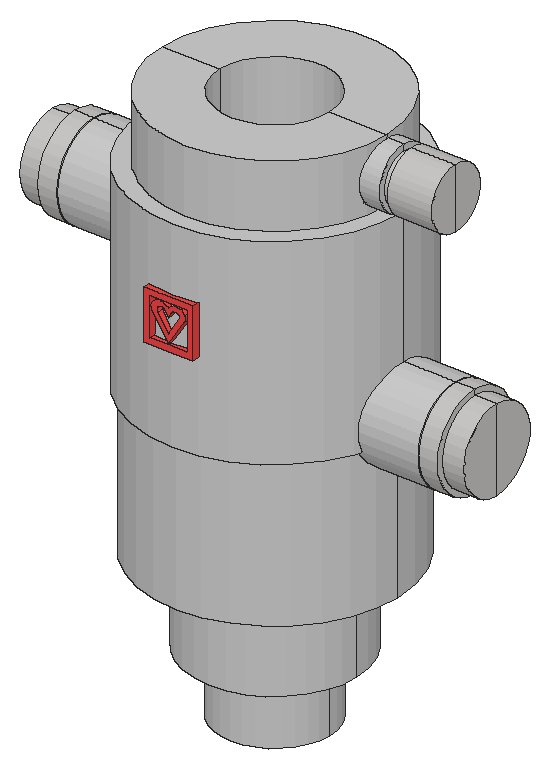
Revit family "Systemtrenner 0302", category Rohrzubehör, Revit 2021
Family settings
  Bemaßung runder Anschluss = Durchmesser verwenden
  Teiletyp = Unterbricht
  OmniClass-Nummer = 23.65.55.14
  OmniClass-Titel = Valves for Liquid Services
  Arbeitsebenenbasiert = Nein
  Immer vertikal = Ja
  Beim Laden mit Abzugskörper schneiden = Nein
  Gemeinsam genutzt = Nein
Parameters (values of type "DN15 (3/4"-3/4")")
  Vorgabe-Ansicht = 0.00 mm
  Max. zulässige Betriebstemperatur (kurzzeitig) = 80 °C  # constant formula
  Max. Betriebstemperatur = 65 °C  # constant formula
  URL = "www.herz-armaturen.at"
  Systemtrenner-Kartusche = "hochwertiger, kalkabweisender Kunststoff"  # constant formula
  SCTWSEQ = "AW;SBT_TYP_AW=\"104\";2"
  SCTWCODE = "04;12;02"  # constant formula
  S03 = 29.00 mm  # constant formula
  S02 = 53.00 mm  # constant formula
  S01 = 13.00 mm  # constant formula
  NennweiteEin [instance] = if([20_20], 20.00 mm, if([25_20], 25.00 mm, if([25_25], 25.00 mm, 0.00 mm)))  # 20.00 mm
  NennweiteAus [instance] = if([20_20], 20.00 mm, if([25_20], 20.00 mm, if([25_25], 25.00 mm, 0.00 mm)))  # 20.00 mm
  Max. Betriebsdruck = 1000000.0 Pa  # constant formula
  Medium = "Wasser (ohne Dampf)"  # constant formula
  LO01 = 70.00 mm  # constant formula
  IG (ein) [instance] = NennweiteEin / 2  # 10.00 mm
  Hinweis = "Gemäß Art 33 der REACH-Verordnung (EG Nr. 1907/2006) sind wir verpflichtet, darauf hinzuweisen, dass der Stoff Blei auf der SVHC-Liste geführt wird und dass alle aus Messing bestehenden Bauteile, die in unseren Erzeugnissen verarbeitet sind, mehr als 0,1 % (w/w) Blei (CAS: 7439-92-1 / EINECS: 231-100-4) enthalten.\r\nDa Blei als Legierungsbestandteil fest gebunden ist, sind keine Expositionen zu erwarten und daher sind keine zusätzlichen Angaben zur sicheren Verwendung notwendig."
  Hersteller = "HERZ Armaturen Ges.m.b.H."  # constant formula
  H09 = 7.50 mm  # constant formula
  H08 = 24.50 mm  # constant formula
  H07 = 8.50 mm  # constant formula
  H06 = 57.50 mm  # constant formula
  H05 = 6.00 mm  # constant formula
  H04 = 11.50 mm  # constant formula
  H03 = 54.00 mm  # constant formula
  H02 = 27.00 mm  # constant formula
  H01 = 102.00 mm  # constant formula
  Gehäuse = "Pressmessing (CW617N), verchromt"  # constant formula
  GT (IG) [instance] = if([20_20], 11.30 mm, if([25_20], 12.50 mm, if([25_25], 12.50 mm, 0.00 mm)))  # 11.30 mm
  GT (AG) [instance] = if([20_20], 11.30 mm, if([25_20], 12.50 mm, if([25_25], 12.50 mm, 0.00 mm)))  # 11.30 mm
  Einbaulage = "senkrecht"  # constant formula
  Dichtungen = "EPDM"  # constant formula
  D10 = 4.00 mm  # constant formula
  D09 = 40.50 mm  # constant formula
  D08 = 4.50 mm  # constant formula
  D07 = 5.50 mm  # constant formula
  D06 = 33.00 mm  # constant formula
  D05 [instance] = (NennweiteEin / 2) + 1.00 mm  # 11.00 mm
  D04 = 15.00 mm  # constant formula
  D03 = 22.50 mm  # constant formula
  D02 = 23.50 mm  # constant formula
  D01 = 20.50 mm  # constant formula
  Bestellnummer = if([20_20], "I030202", if([25_20], "I030203", if([25_25], "I030213", "0")))  # "I030202"
  Ausführung = "Der Systemtrenner BA wurde nach der Norm DIN EN 1717 entwickelt.\r\nLaut dieser Norm ist die Wasserqualität je nach Grad der Verschmutzung in 5 Klassen eingeteilt.\r\nDer Systemtrenner Typ BA erlaubt Absicherung gegen Nichttrinkwasser bis zur Gefahrenklasse 4, der höchsten Gefahrenklasse, die mit einer Armatur abgesichert werden kann.\r\nSystemtrenner komplett mit Sicherungsschraube gegen Manipulationen, Sieb gegen Schmutzeintrag.\r\nDiese Filterscheibe muss richtig in die Armatur hingesetzt werden, so dass die Funktion gewehrleistet werden kann.\r\nDichtung darauf legen.\r\nDer Einbau eines Schmutzfängers vor dem Systemtrenner hilft, um eine dauerhafte und einwandfreie Funktion zu gewährleisten.\r\nDer Systemtrenner kann nur senkrecht montiert werden.\r\nDer Herz- Systemtrenner ist frostsicher."
  Anwendung = "Der Systemtrenner ist zum nachträglichen Anbau an eine Entnahmearmatur mit Schlauchanschluss konzipiert.\r\nDank seiner kompakten Bauform schliesst dieser Systemtrenner die Lücke überall dort, wo eine Anbindung an das Abwasser notwendig ist."
  AG (aus) [instance] = NennweiteAus / 2  # 10.00 mm
  25_25 = no
  25_20 = no
  20_20 = yes
Types (4, lengths in mm): name | NennweiteEin | NennweiteAus | IG (ein) | GT (IG) | GT (AG) | D05 | Bestellnummer | AG (aus) | 25_25 | 25_20 | 20_20
  (no name) | 20.00 | 20.00 | 10.00 | 11.30 | 11.30 | 11.00 | "I030202" | 10.00 | no | no | yes
  DN15 (3/4"-3/4") | 20.00 | 20.00 | 10.00 | 11.30 | 11.30 | 11.00 | "I030202" | 10.00 | no | no | yes
  DN20 (1"-3/4") | 25.00 | 20.00 | 12.50 | 12.50 | 12.50 | 13.50 | "I030203" | 10.00 | no | yes | no
  DN20 (1"-1") | 25.00 | 25.00 | 12.50 | 12.50 | 12.50 | 13.50 | "I030213" | 12.50 | yes | no | no
Reference planes
  plane 1 "Mitte (Vorne/hinten)": y = 0
  plane 2: z = 0
  plane 3 "Mitte (Links/rechts)": x = 0
Forms (mm)
  Revolve 1, solid, material "Messing, vernickelt", detail levels fine
    sketch origin (0, 0, 0) x (1, 0, 0) y (0, 0, 1)
      loop
        line (0, 0) -> (0, 90.7) -> (-10, 90.7) -> (-10, 102) -> (-20.5, 102) -> (-20.5, 90.5) -> (-23.5, 90.5) -> (-23.5, 54) -> (-22.5, 54) -> (-22.5, 27) -> (-15, 27) -> (-15, 11.3) -> (-10, 11.3) -> (-10, 0) -> (0, 0)
      axis (0, 102) -> (0, 0)
    angle from 0 to 360
  Revolve 2, solid, material "Messing, vernickelt", detail levels fine
    sketch origin (0, 0, 0) x (1, 0, 0) y (0, 0, 1)
      loop
        line (11, 101.5) -> (11, 96) -> (23.5, 96) -> (23.5, 101.5) -> (11, 101.5)
      axis (11, 96) -> (23.5, 96)
    angle from 0 to 360
  Revolve 3, solid, material "Messing, vernickelt", detail levels fine
    sketch origin (0, 0, 0) x (1, 0, 0) y (0, 0, 1)
      loop
        line (0, 66) -> (0, 57.5) -> (33, 57.5) -> (33, 66) -> (0, 66)
      axis (33, 57.5) -> (0, 57.5)
    angle from 0 to 360
  Revolve 4, solid, material "Messing, vernickelt", detail levels fine
    sketch origin (0, 0, 0) x (1, 0, 0) y (0, 0, 1)
      loop
        line (0, 77.5) -> (0, 86) -> (-33, 86) -> (-33, 77.5) -> (0, 77.5)
      axis (-33, 77.5) -> (0, 77.5)
    angle from 0 to 360
  Revolve 5, solid, material "Edelstahl", detail levels fine
    sketch origin (0, 0, 0) x (1, 0, 0) y (0, 0, 1)
      loop
        line (23.5, 96) -> (33, 96) -> (33, 101.5) -> (25, 101.5) -> (25, 100.5) -> (23.5, 100.5) -> (23.5, 96)
      axis (23.5, 96) -> (33, 96)
    angle from 0 to 360
  Revolve 6, solid, material "Edelstahl", detail levels fine
    sketch origin (0, 0, 0) x (1, 0, 0) y (0, 0, 1)
      loop
        line (33, 57.5) -> (40.5, 57.5) -> (40.5, 65) -> (36.5, 65) -> (36.5, 66) -> (33, 66) -> (33, 57.5)
      axis (33, 57.5) -> (40.5, 57.5)
    angle from 0 to 360
  Revolve 7, solid, material "Edelstahl", detail levels fine
    sketch origin (0, 0, 20) x (-1, 0, 0) y (0, 0, 1)
      loop
        line (33, 57.5) -> (40.5, 57.5) -> (40.5, 65) -> (36.5, 65) -> (36.5, 66) -> (33, 66) -> (33, 57.5)
      axis (33, 57.5) -> (40.5, 57.5)
    angle from 0 to 360
Lines and regions (mm)
  model lines, detail levels coarse+medium
    curve 1: line (-23.5, 0, 102) -> (23.5, 0, 102)
    curve 2: line (-23.5, 0, 0) -> (-23.5, 0, 102)
    curve 3: line (23.5, 0, 0) -> (-23.5, 0, 0)
    curve 4: line (23.5, 0, 102) -> (23.5, 0, 0)
    curve 5: line (-10.5, 0, 102) -> (-10.5, 0, 49)
    curve 6: line (-10.5, 0, 29) -> (-10.5, 0, 0)
    curve 7: line (10.5, 0, 102) -> (10.5, 0, 49)
    curve 8: line (10.5, 0, 29) -> (10.5, 0, 0)
    curve 9: line (0, 23.5, 102) -> (0, -23.5, 102)
    curve 10: line (0, 23.5, 0) -> (0, 23.5, 102)
    curve 11: line (0, -23.5, 0) -> (0, 23.5, 0)
    curve 12: line (0, -23.5, 102) -> (0, -23.5, 0)
    curve 13: line (0, 10.5, 102) -> (0, 10.5, 49)
    curve 14: line (0, 10.5, 29) -> (0, 10.5, 0)
    curve 15: line (0, -10.5, 102) -> (0, -10.5, 49)
    curve 16: line (0, -10.5, 29) -> (0, -10.5, 0)
Dimensions and locks
  "H01": Revolve 1 sketch curve to plane 2
  "IG (ein)": Revolve 1 sketch curve to plane 3 "Mitte (Links/rechts)"
  "AG (aus)": Revolve 1 sketch curve to plane 3 "Mitte (Links/rechts)"
  "GT (IG)": Revolve 1 sketch curve to Revolve 1 sketch curve
  "GT (AG)": Revolve 1 sketch curve to Revolve 1 sketch curve
  "D01": Revolve 1 sketch curve to plane 3 "Mitte (Links/rechts)"
  "D02": plane 3 "Mitte (Links/rechts)" to Revolve 1 sketch curve
  "D03": Revolve 1 sketch curve to plane 3 "Mitte (Links/rechts)"
  "D04": Revolve 1 sketch curve to plane 3 "Mitte (Links/rechts)"
  "H02": Revolve 1 sketch curve to plane 2
  "H03": Revolve 1 sketch curve to plane 2
  "H04": Revolve 1 sketch curve to Revolve 1 sketch curve
  "H05": Revolve 1 to Revolve 2 sketch curve
  "D02": Revolve 2 sketch curve to plane 3 "Mitte (Links/rechts)"
  "D05": Revolve 2 sketch curve to plane 3 "Mitte (Links/rechts)"
  "H06": Revolve 3 sketch curve to plane 2
  "H07": Revolve 3 sketch curve to Revolve 3 sketch curve
  "D06": Revolve 3 sketch curve to plane 3 "Mitte (Links/rechts)"
  "D06": plane 3 "Mitte (Links/rechts)" to Revolve 4 sketch curve
  "H07": Revolve 4 sketch curve to Revolve 4 sketch curve
  "H08": Revolve 1 to Revolve 4 sketch curve
  "D06": Revolve 5 sketch curve to plane 3 "Mitte (Links/rechts)"
  Revolve 5 sketch curve to Revolve 5 sketch curve = 1.50 mm
  "D02": Revolve 5 sketch curve to plane 3 "Mitte (Links/rechts)"
  "D07": Revolve 5 sketch curve to Revolve 5 sketch curve
  "H05": Revolve 1 to Revolve 5 sketch curve
  "D07": Revolve 2 sketch curve to Revolve 2 sketch curve
  "D08": Revolve 5 sketch curve to Revolve 5 sketch curve
  "D06": plane 3 "Mitte (Links/rechts)" to Revolve 6 sketch curve
  "D09": Revolve 6 sketch curve to plane 3 "Mitte (Links/rechts)"
  "D10": Revolve 6 sketch curve to Revolve 6 sketch curve
  "H07": Revolve 6 sketch curve to Revolve 6 sketch curve
  "H09": Revolve 6 sketch curve to Revolve 6 sketch curve
  "D10": Revolve 7 sketch curve to Revolve 7 sketch curve
  "H07": Revolve 7 sketch curve to Revolve 7 sketch curve
  "H09": Revolve 7 sketch curve to Revolve 7 sketch curve
  "H08": Revolve 1 to Revolve 7 sketch curve
  "D06": plane 3 "Mitte (Links/rechts)" to Revolve 7 sketch curve
  "D09": plane 3 "Mitte (Links/rechts)" to Revolve 7 sketch curve
  "D02": nested 1 to plane 1 "Mitte (Vorne/hinten)"
  "LO01": nested 1 to plane 2
  "H01": curve 1 to plane 2
  "D02": curve 4 to plane 3 "Mitte (Links/rechts)" to curve 2
  "S01": curve 2 to curve 5
  "S01": curve 7 to curve 4
  "S01": curve 6 to curve 2
  "S01": curve 8 to curve 4
  "S02": curve 1 to curve 7
  "S02": curve 1 to curve 5
  "S03": curve 8 to curve 3
  "S03": curve 6 to curve 3
  "H01": curve 9 to plane 2
  "S03": curve 16 to plane 2
  "S02": curve 15 to curve 9
  "S01": curve 15 to curve 12
  "S01": curve 10 to curve 13
  "D02": curve 10 to plane 1 "Mitte (Vorne/hinten)" to curve 12
  "S01": curve 10 to curve 14
  "S01": curve 16 to curve 12
  "S03": curve 14 to plane 2
  "S02": curve 13 to curve 9
  aligned and locked: level to plane 2
Automatic sketch dimensions
  curve 16 to level = 0.00 mm
  curve 8 to level = 0.00 mm
  Revolve 1 sketch curve to plane 3 "Mitte (Links/rechts)" = 0.00 mm  (x2)
  Revolve 1 sketch curve to level = 0.00 mm
  Revolve 1 sketch curve to level = 366.045 mm
  Revolve 1 sketch curve to Revolve 1 sketch curve = 2112.315 mm
  Revolve 2 sketch curve to Revolve 2 sketch curve = 0.00 mm  (x3)
  Revolve 3 sketch curve to plane 3 "Mitte (Links/rechts)" = 0.00 mm  (x2)
  Revolve 3 sketch curve to Revolve 3 sketch curve = 0.00 mm  (x2)
  Revolve 4 sketch curve to plane 3 "Mitte (Links/rechts)" = 0.00 mm  (x2)
  Revolve 4 sketch curve to Revolve 4 sketch curve = 0.00 mm  (x2)
  Revolve 5 sketch curve to Revolve 5 sketch curve = 0.00 mm  (x3)
  level to Revolve 6 sketch curve = 57.50 mm
  Revolve 6 sketch curve to Revolve 6 sketch curve = 0.00 mm  (x3)
  Revolve 7 sketch curve to Revolve 7 sketch curve = 0.00 mm  (x3)
Nested families
  nested 1: "Herz-Logo-vorne" at (0, -23.5, 74.5) x (0, 1, 0) z (0, 0, 1), type "Herz-Logo-vorne", detail levels fine
Connectors
  piping at (0, 0, 90.7), diameter 20, driven by "NennweiteEin"
    settings: on Revolve 1, index 1, connector inside diameter 609.6 mm, connector length 0.00 mm, flow factor 0, pipe flow 0.0 L/s, pressure drop 0.0 Pa, fitting loss kfactor 0, connector angle 0.00°, fixture units 0, engagement length 0.00 mm, angle of deflection 0.00°, flow configuration 0, flow direction 1, fitting loss method 0, system type 29, joint type 0, gender type 0, connector reference index -1, connector utility 0, adjustable connector no, is connector primary yes, connector description ""
  piping at (0, 0, 0), diameter 20, driven by "NennweiteAus"
    settings: on Revolve 1, index 2, connector inside diameter 609.6 mm, connector length 0.00 mm, flow factor 0, pipe flow 0.0 L/s, pressure drop 0.0 Pa, fitting loss kfactor 0, connector angle 0.00°, fixture units 0, engagement length 0.00 mm, angle of deflection 0.00°, flow configuration 0, flow direction 2, fitting loss method 0, system type 29, joint type 0, gender type 0, connector reference index -1, connector utility 0, adjustable connector no, is connector primary no, connector description ""
Definition of nested family "Herz-Logo-vorne"
  Parameters (values of type "Herz-Logo-vorne")
    Default Elevation = 0.00 mm
  Reference planes
    plane 1 "Mitte (Vorne/hinten)": y = 0
    plane 2: z = 0
    plane 3 "Mitte (Links/rechts)": x = 0
  Forms (mm)
    Extrusion 1, solid
      sketch origin (0.732, -0.018, 0.017) x (0, -1, 0) y (0, 0, 1)
        loop
          line (-0.018, -4.517) -> (4.482, -4.517) -> (4.482, 4.483) -> (-4.518, 4.483) -> (-4.518, -4.517) -> (-0.018, -4.517)
        loop
          line (-0.05, -3.48) -> (3.482, -3.48) -> (3.482, 3.483) -> (-3.518, 3.483) -> (-3.518, -3.48) -> (-0.05, -3.48)
        loop
          arc (-0.018, 2.383) -> (-1.543, 3.287) -> (-3.067, 2.383) r 1.738
          arc (-3.067, 2.383) -> (-3.191, 1.899) -> (-3.067, 1.415) r 1.009
          line (-3.067, 1.415) -> (-0.018, -3.281) -> (3.032, 1.415)
          arc (3.032, 1.415) -> (3.156, 1.899) -> (3.032, 2.383) r 1.009
          arc (3.032, 2.383) -> (1.507, 3.287) -> (-0.018, 2.383) r 1.738
        loop
          arc (1.885, 1.272) -> (2.005, 1.675) -> (1.885, 2.079) r 0.74
          arc (1.885, 2.079) -> (1.265, 2.416) -> (0.644, 2.079) r 0.74
          line (0.644, 2.079) -> (-0.018, 0.97) -> (-0.679, 2.079)
          arc (-0.679, 2.079) -> (-1.3, 2.416) -> (-1.921, 2.079) r 0.74
          arc (-1.921, 2.079) -> (-2.04, 1.675) -> (-1.921, 1.272) r 0.74
          line (-1.921, 1.272) -> (-0.018, -1.658) -> (1.885, 1.272)
      from 0 to 1.5
  Dimensions and locks
    aligned and locked: level to plane 2
